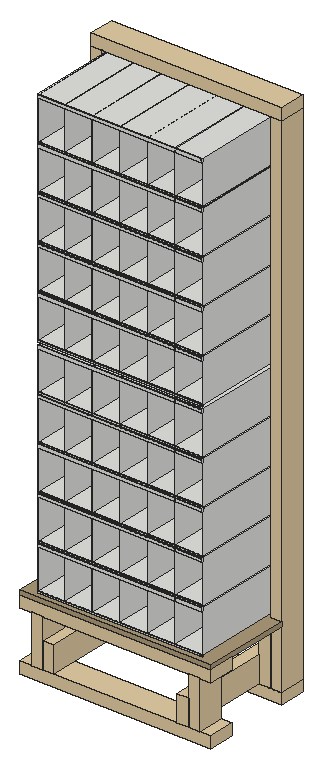
Revit family "Mailboxes_Aluminum-Standard_System-Salsbury_Industries-Wall_Installation", category Specialty Equipment, host Wall, Revit 2016 (continued)
Definition of nested family "2200_Series_Aluminum_Mailboxes_Standard_Units"
  Definition of nested family "Rack Ladder #1 Door"
    Automatic sketch dimensions
      plane 21 to Extrusion 2 sketch curve = 0.000"
      plane 20 to Extrusion 2 sketch curve = 0.000"
      plane 19 to Extrusion 2 sketch curve = 0.000"
      plane 18 to Extrusion 2 sketch curve = 0.000"
      plane 17 to Extrusion 2 sketch curve = 0.000"
      plane 16 to Extrusion 2 sketch curve = 0.022"
      plane 15 to Extrusion 2 sketch curve = 0.000"
      plane 14 to Extrusion 2 sketch curve = 0.000"
      plane 13 to Extrusion 2 sketch curve = 0.000"
      plane 10 "Hinge Line" to Extrusion 2 sketch curve = 0.000"
      plane 8 "Vertical Center" to Extrusion 3 sketch curve = 1.219"
      plane 11 "Vertical Lock Center" to Extrusion 3 sketch curve = 0.000"
      plane 8 "Vertical Center" to Extrusion 4 sketch curve = 1.219"
      plane 11 "Vertical Lock Center" to Extrusion 4 sketch curve = 0.000"
      plane 11 "Vertical Lock Center" to Extrusion 5 sketch curve = 0.0625"
      Extrusion 5 sketch curve to plane 11 "Vertical Lock Center" = 0.0625"
      plane 8 "Vertical Center" to Extrusion 5 sketch curve = 1.52047"
      plane 8 "Vertical Center" to Extrusion 5 sketch curve = 1.17372"
      plane 11 "Vertical Lock Center" to curve 5 = 0.000"
      curve 5 to plane 12 = 0.03047"
      radius of Extrusion 3 sketch curve = 0.3125"
      radius of Extrusion 4 sketch curve = 0.300"
      radius of curve 5 = 0.31256"
  Definition of nested family "Rack Ladder None"
    Parameters (values of type "No Door")
      Width = 3.522"
      Visible = no
      Type Comments = "For Aluminum Mailboxes"
      Model = "#1 Door"
      Manufacturer = "Salsbury Industries"
      Lock Offset - Vertical = 1.5625"
      Lock Material = none
      Height = 5.625"
      Front Panel Material = none
      Door Numbers = no
      Door Number [instance] = "1"
      Depth = 0.313"
    Reference planes (in)
      plane 1 "Center (Front/Back)": y = 0
      plane 2 "Bottom of Door": z = 0
      plane 3 "Center (Left/Right)": x = 0
      plane 4 "Left Side of Door": x = -1.761
      plane 5 "Right Side of Door": x = 1.761
      plane 6 "Front of Door": y = -0.1565
      plane 7 "Back of Door": y = 0.1565
      plane 8 "Vertical Center": z = 2.8125
      plane 9 "Top of Door": z = 5.625
      plane 10 "Hinge Line": x = 1.261
      plane 11 "Vertical Lock Center": x = -0.761
      plane 12: z = 1.5625
      plane 13: x = 0.261
      plane 14: x = -0.239
      plane 15: x = -1.239
      plane 16: x = -1.739
      plane 17: x = -2.739
      plane 18: x = -3.208
      plane 19: x = -4.208
      plane 20: x = -4.708
      plane 21: x = -5.708
      plane 22: x = -6.208
      plane 23: x = -7.177
      plane 24: x = -7.677
      plane 25: x = -8.677
      plane 26 "Front of Hinge": y = -0.344
      plane 27 "Door Face Inset Guide": y = -0.12525
      plane 28: z = 4.875
    Forms (in)
      Extrusion 1, solid, material <- "Front Panel Material", visible <- "Visible"
        sketch origin (0, 0, 0) x (1, 0, 0) y (0, 1, 0)
          loop
            line (1.761, 0.1565) -> (-1.761, 0.1565) -> (-1.761, -0.1565) -> (1.261, -0.1565)
            arc (1.261, -0.1565) -> (1.511, -0.34407) -> (1.761, -0.1565) r 0.26039
            line (1.761, -0.1565) -> (1.761, 0.1565)
        from 0 to 5.625
      Extrusion 2, void
        sketch origin (0, -0.344, 0) x (1, 0, 0) y (0, 0, 1)
          loop
            line (0.261, 5.625) -> (0.261, 0) -> (1.261, 0) -> (1.261, 5.625) -> (0.261, 5.625)
          loop
            line (-1.239, 5.625) -> (-1.239, 0) -> (-0.239, 0) -> (-0.239, 5.625) -> (-1.239, 5.625)
          loop
            line (-2.739, 5.625) -> (-2.739, 0) -> (-1.761, 0) -> (-1.761, 5.625) -> (-2.739, 5.625)
          loop
            line (-4.208, 5.625) -> (-4.208, 0) -> (-3.208, 0) -> (-3.208, 5.625) -> (-4.208, 5.625)
          loop
            line (-5.708, 5.625) -> (-5.708, 0) -> (-4.708, 0) -> (-4.708, 5.625) -> (-5.708, 5.625)
          loop
            line (-7.177, 5.625) -> (-7.177, 0) -> (-6.208, 0) -> (-6.208, 5.625) -> (-7.177, 5.625)
          loop
            line (-8.677, 5.625) -> (-8.677, 0) -> (-7.677, 0) -> (-7.677, 5.625) -> (-8.677, 5.625)
        from 0 to -0.21875
      Extrusion 3, void
        sketch origin (0, 0, -1.219) x (1, 0, 0) y (0, 0, 1)
          loop
            circle (-0.761, 2.8125) r 0.3125
        from 0.12525 to -0.1565
      Extrusion 4, solid, material <- "Lock Material", visible <- "Visible"
        sketch origin (0, 0.1565, -1.219) x (1, 0, 0) y (0, 0, 1)
          loop
            circle (-0.761, 2.8125) r 0.3
        from 0 to 0.28175
      Extrusion 5, void
        sketch origin (0, -0.1565, -1.219) x (1, 0, 0) y (0, 0, 1)
          loop
            line (-0.8235, 2.85778) -> (-0.8235, 2.51103) -> (-0.6985, 2.51103) -> (-0.6985, 2.85778) -> (-0.8235, 2.85778)
        from -0.1565 to 0
    Cuts and joins
      Extrusion 2, Extrusion 3 cuts Extrusion 1
      Extrusion 5 cuts Extrusion 4
    Dimensions and locks (in)
      equal spacing: plane 9 "Top of Door", plane 8 "Vertical Center", plane 2 "Bottom of Door"
      equal spacing: plane 4 "Left Side of Door", plane 3 "Center (Left/Right)", plane 5 "Right Side of Door"
      equal spacing: plane 6 "Front of Door", plane 1 "Center (Front/Back)", plane 7 "Back of Door"
      "Height": plane 9 "Top of Door" to plane 2 "Bottom of Door"
      "Width": plane 4 "Left Side of Door" to plane 5 "Right Side of Door"
      "Depth": plane 6 "Front of Door" to plane 7 "Back of Door"
      plane 10 "Hinge Line" to plane 5 "Right Side of Door" = 0.500"
      "Lock Offset - Vertical": plane 12 to plane 2 "Bottom of Door"
      plane 4 "Left Side of Door" to plane 11 "Vertical Lock Center" = 1.000"
      plane 25 to plane 24 to plane 23 to plane 22 to plane 21 to plane 20 to plane 19 to plane 18 to plane 17 to plane 16 to plane 15 to plane 14 to plane 13 to plane 10 "Hinge Line" = 1.000" locked, 0.500" locked, 0.969" locked, 0.500" locked, 1.000" locked, 0.500" locked, 1.000" locked, 0.469" locked, 1.000" locked, 0.500" locked, 1.000" locked, 0.500" locked, 1.000" locked
      plane 26 "Front of Hinge" to plane 6 "Front of Door" = 0.1875"
      plane 6 "Front of Door" to plane 27 "Door Face Inset Guide" = 0.03125"
      plane 9 "Top of Door" to plane 28 = 0.750"
      aligned and locked: level to plane 2 "Bottom of Door"
      aligned and locked: cut or joined group of Extrusion 1, Extrusion 2, Extrusion 3 to plane 2 "Bottom of Door"
      aligned and locked: cut or joined group of Extrusion 1, Extrusion 2, Extrusion 3 to plane 9 "Top of Door"
      aligned and locked: plane 9 "Top of Door" to Extrusion 2 sketch curve  (x7)
    Automatic sketch dimensions
      Extrusion 1 sketch curve to plane 4 "Left Side of Door" = 0.000"
      plane 6 "Front of Door" to Extrusion 1 sketch curve = 0.000"  (x2)
      Extrusion 1 sketch curve to plane 10 "Hinge Line" = 0.000"
      Extrusion 1 sketch curve to plane 5 "Right Side of Door" = 0.000"
      plane 7 "Back of Door" to Extrusion 1 sketch curve = 0.000"
      Extrusion 1 sketch curve to plane 27 "Door Face Inset Guide" = 0.04158"
      Extrusion 2 sketch curve to level = 0.000"  (x7)
      plane 25 to Extrusion 2 sketch curve = 0.000"
      plane 24 to Extrusion 2 sketch curve = 0.000"
      plane 23 to Extrusion 2 sketch curve = 0.000"
      plane 22 to Extrusion 2 sketch curve = 0.000"
      plane 21 to Extrusion 2 sketch curve = 0.000"
      plane 20 to Extrusion 2 sketch curve = 0.000"
      plane 19 to Extrusion 2 sketch curve = 0.000"
      plane 18 to Extrusion 2 sketch curve = 0.000"
      plane 17 to Extrusion 2 sketch curve = 0.000"
      plane 16 to Extrusion 2 sketch curve = 0.022"
      plane 15 to Extrusion 2 sketch curve = 0.000"
      plane 14 to Extrusion 2 sketch curve = 0.000"
      plane 13 to Extrusion 2 sketch curve = 0.000"
      plane 10 "Hinge Line" to Extrusion 2 sketch curve = 0.000"
      plane 8 "Vertical Center" to Extrusion 3 sketch curve = 1.219"
      plane 11 "Vertical Lock Center" to Extrusion 3 sketch curve = 0.000"
      plane 8 "Vertical Center" to Extrusion 4 sketch curve = 1.219"
      plane 11 "Vertical Lock Center" to Extrusion 4 sketch curve = 0.000"
      plane 11 "Vertical Lock Center" to Extrusion 5 sketch curve = 0.0625"
      Extrusion 5 sketch curve to plane 11 "Vertical Lock Center" = 0.0625"
      plane 8 "Vertical Center" to Extrusion 5 sketch curve = 1.52047"
      plane 8 "Vertical Center" to Extrusion 5 sketch curve = 1.17372"
      radius of Extrusion 3 sketch curve = 0.3125"
      radius of Extrusion 4 sketch curve = 0.300"
Types (3): name | Installation Type | Add On Column (not applicable) | Left Rough Opening Offset
  (no name) | "Starter Column" | yes | 1.500"
  Starter Column - 2200 Series Aluminum Mailboxes-Standard System - 2 Unit High Installation | "Starter Column" | yes | 1.500"
  Right Side Add On Column - 2200 Series Aluminum Mailboxes-Standard System - 2 Unit High Installation | "Add On Column" | no | 0.000"
